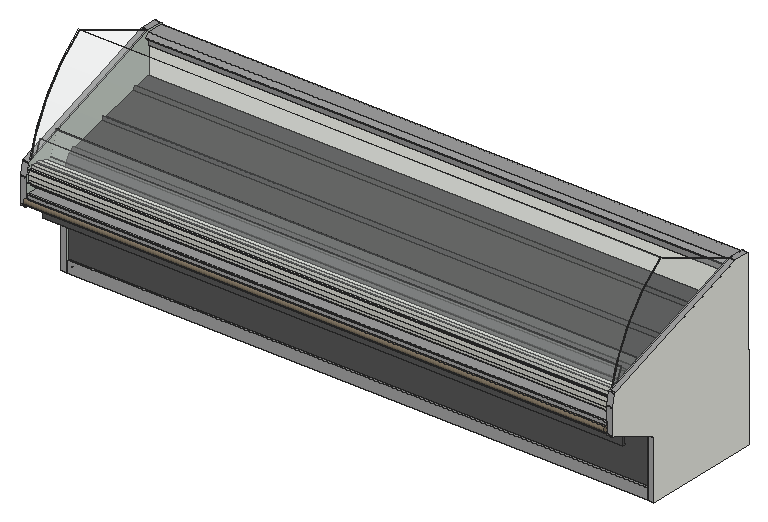
Revit family "DSFM-CG_2014", category Specialty Equipment, Revit 2014
Parameters (values of type "12'-0" Length")
  Width = 144"
  Waste Drain = 1 1/2"  # constant formula
  URL = "www.hussmann.com"
  Type Comments = "Chino"  # constant formula
  Trim = Stainless Steel
  Total Weight = Case Weight + (2 * End Weight)  # 0.00 lbf
  Splashguard = Stainless Steel
  Side Panel - Right [instance] = yes
  Side Panel - Left [instance] = yes
  Shelves = Sheet Metal (Steel Painted) - 701 Black
  Revit Family Date = "09/20/2016"  # constant formula
  Refrigeration Lines Suction = 5/8"  # constant formula
  Refrigeration Lines Liquid = 3/8"  # constant formula
  Refrig. Suction = "Suction"
  Refrig. Liquid = "Liquid"
  Number of Supports = if(Width < 50", 2, if(Width < 100", 3, 4))  # 4
  Note from Manufacturer = "This model only comes in 3'-0\", 4'-0\", 5'-0\", 6'-0\", 8'-0\", 10'-0\", and 12'-0\" lengths."
  Model URL = "http://www.hussmann.com/en/product%20viewer/display-cases/DSFM"
  Model = "DSFM with Curved Glass"  # constant formula
  Manufacturer Disclaimer = "The information in this file is not intended to be an exact representation of the corresponding Hussmann product.  Further, we reserve the right to change or revise specifications and product design in connection with any feature of our products. Such changes do not entitle the buyer to corresponding changes, improvements, additions, or replacements for equipment previously sold or shipped."  # constant formula
  Manufacturer = "Hussmann Corporation"  # constant formula
  Light [instance] = yes
  Height = 52 1/4"  # constant formula
  Glazing = Glass
  Ends = Textured Sheet Metal (Steel Painted) - 149 White Satin Matte
  End Weight = 0.00 lbf  # constant formula
  Drain from Side = if(Width > 73", 13 1/8", if(Width = 72", 66 3/4", 5 1/8"))  # 13 1/8"
  Drain from Centerline = if(Width > 73", 6", if(Width = 72", 5 3/4", if(Width < 71", 6 1/8", 0")))  # 6"
  Door Frame = Plastic - 144 Mist Gray
  Description = "Medium Depth Service Merchandiser for Fresh Seafood Applications"  # constant formula
  Depth = 41 5/8"  # constant formula
  Cutsheet URL = "http://www.hussmann.com/en/Technical%20Documents/DSFM_ds_En.pdf"
  Close Off Panel = Textured Sheet Metal (Steel Painted) - 701 Black
  Case Weight = if(Width = 24", 0.00 lbf, if(Width = 36", 0.00 lbf, if(Width = 48", 0.00 lbf, if(Width = 60", 0.00 lbf, if(Width = 72", 0.00 lbf, if(Width = 96", 0.00 lbf, if(Width = 120", 0.00 lbf, if(Width = 144", 0.00 lbf, 0.00 lbf))))))))  # 0.00 lbf
  Case Interior - Side Panel = Mirror
  Case Interior - Back Panel = Mirror
  Case = Textured Sheet Metal (Steel Painted) - 149 White Satin Matte
  Bumper = Extruded PVC - 747 Chocolate Brown
  Assembly Code = ""
  Accessories/Options = ""
Types (7): name | Width | Number of Supports | Drain from Side | Drain from Centerline
  12'-0" Length | 144" | 4 | 13 1/8" | 6"
  10'-0" Length | 120" | 4 | 13 1/8" | 6"
  8'-0" Length | 96" | 3 | 13 1/8" | 6"
  6'-0" Length | 72" | 3 | 66 3/4" | 5 3/4"
  5'-0" Length | 60" | 3 | 5 1/8" | 6 1/8"
  4'-0" Length | 48" | 2 | 5 1/8" | 6 1/8"
  3'-0" Length | 36" | 2 | 5 1/8" | 6 1/8"
Reference planes (in)
  plane 1 "Back": y = 0
  plane 2 "Bottom": z = 0
  plane 3 "Left": x = -77.30699
  plane 4 "Front": y = -41.625
  plane 5 "Center (Left/Right)": x = -5.30699
  plane 6: x = -78.80699
  plane 7 "Right": x = 66.69301
  plane 8: x = 68.19301
Forms (in)
  Extrusion 1, solid, material "Metal - Copper"
    sketch origin (57.40105, 5, -0.375) x (1, 0, 0) y (0, 1, 0)
      loop
        circle (-1.02054, -21.125) r 0.28859
      loop
        circle (-1.02054, -21.125) r 0.3125
    from 17.625 to 0.375
  Extrusion 2, solid, material "Metal - Copper"
    sketch origin (59.82608, 5, -0.375) x (1, 0, 0) y (0, 1, 0)
      loop
        circle (-2.94557, -21.125) r 0.17188
      loop
        circle (-2.94557, -21.125) r 0.1875
    from 17.625 to 0.375
  Extrusion 3, solid, material "Metal - Copper"
    sketch origin (-56.6875, 1.04319, 0) x (1, 0, 0) y (0, 1, 0)
      loop
        arc (-7.49449, -19.79319) -> (-8.02482, -20.01286) -> (-8.24449, -20.54319) r 0.75
        arc (-8.24449, -20.54319) -> (-8.02482, -21.07352) -> (-7.49449, -21.29319) r 0.75
        arc (-7.49449, -21.29319) -> (-6.96416, -21.07352) -> (-6.74449, -20.54319) r 0.75
        arc (-6.74449, -20.54319) -> (-6.96416, -20.01286) -> (-7.49449, -19.79319) r 0.75
      loop
        circle (-7.49449, -20.54319) r 0.7102
    from 16.34236 to 0
  Extrusion 4, solid, material "Metal - Copper"
    sketch origin (9.1875, 1.04319, 0) x (1, 0, 0) y (0, 1, 0)
      loop
        arc (-8.49449, -19.79319) -> (-9.02482, -20.01286) -> (-9.24449, -20.54319) r 0.75
        arc (-9.24449, -20.54319) -> (-9.02482, -21.07352) -> (-8.49449, -21.29319) r 0.75
        arc (-8.49449, -21.29319) -> (-7.96416, -21.07352) -> (-7.74449, -20.54319) r 0.75
        arc (-7.74449, -20.54319) -> (-7.96416, -20.01286) -> (-8.49449, -19.79319) r 0.75
      loop
        circle (-8.49449, -20.54319) r 0.7102
    from 16.34236 to 0
  Extrusion 5, solid, material "Textured Sheet Metal (Steel Painted) - 149 White Satin Matte" <- "Case"
    sketch origin (-77.30699, 0, 0) x (0, 1, 0) y (0, 0, 1)
      loop
        line (-27.83594, 14.76385) -> (-27.83594, 0.83962) -> (-2.10346, 0.83962) -> (-2.10346, 14.62462) -> (0, 14.62462) -> (0, 42.51732) -> (-3.90855, 42.51732) -> (-3.90855, 40.51732) -> (-3.74953, 39.92387) -> (-3.6691, 39.92387) -> (-3.6691, 29.66553) -> (-7.27325, 28.52488) -> (-7.27325, 23.80279) -> (-8.62625, 23.69965) -> (-15.99507, 19.72211) -> (-15.99507, 17.26171) -> (-16.56548, 17.25175) -> (-16.56548, 16.34236) -> (-20.50298, 16.34236) -> (-20.50298, 17.26314) -> (-28.16873, 17.77684) -> (-36.20983, 21.19008) -> (-36.20983, 25.63995) -> (-36.06026, 27.34944) -> (-36.06026, 28.26483) -> (-37.92615, 28.62819) -> (-37.92615, 23.01712) -> (-41.306, 23.01712) -> (-41.556, 22.76712) -> (-41.556, 20.39212) -> (-41.09532, 20.39212) -> (-27.83594, 14.76385)
    from 0 to 144 <- "Width"
  Extrusion 6, solid, material "Stainless Steel" <- "Trim"
    sketch origin (-77.30699, 0, 0) x (0, 1, 0) y (0, 0, 1)
      loop
        line (-39.15131, 19.38055) -> (-39.09255, 19.54199) -> (-41.09532, 20.39212) -> (-41.556, 20.39212) -> (-41.556, 22.76712) -> (-41.306, 23.01712) -> (-37.92615, 23.01712) -> (-37.92615, 24.23914) -> (-37.99027, 24.23914) -> (-37.99027, 23.06512) -> (-41.4935, 23.06512)
        arc (-41.4935, 23.06512) -> (-41.61583, 23.01445) -> (-41.6665, 22.89212) r 0.173
        line (-41.6665, 22.89212) -> (-41.6665, 20.29601) -> (-39.15131, 19.38055)
    from 0 to 144 <- "Width"
  Extrusion 7, solid, material "Extruded PVC - 747 Chocolate Brown" <- "Bumper"
    sketch origin (-77.30699, 0, 0) x (0, 1, 0) y (0, 0, 1)
      loop
        arc (-42.0733, 22.13217) -> (-42.57553, 21.56967) -> (-42.0733, 21.00717) r 0.56612
        line (-42.0733, 21.00717) -> (-41.6665, 21.00717) -> (-41.6665, 21.37717) -> (-42.01053, 21.37717) -> (-42.01053, 21.49838)
        arc (-42.01053, 21.49838) -> (-41.97735, 21.56967) -> (-42.01053, 21.64097) r 0.09318
        line (-42.01053, 21.64097) -> (-42.01053, 21.76217) -> (-41.6665, 21.76217) -> (-41.6665, 22.13217) -> (-42.0733, 22.13217)
    from 0 to 144 <- "Width"
  Extrusion 8, solid, material "Stainless Steel" <- "Trim"
    sketch origin (-77.30699, 0, 0) x (0, 1, 0) y (0, 0, 1)
      loop
        line (-28.97798, 2.78974) -> (-28.97831, 0) -> (-28.4433, 0) -> (-28.4433, 0.035) -> (-28.9433, 0.035) -> (-28.9433, 2.785) -> (-28.90096, 3.09462) -> (-28.93565, 3.09929) -> (-28.97798, 2.78974)
      loop
        line (-1.91944, 0.48261) -> (-1.91944, 2.85914) -> (-1.94136, 3.10971) -> (-1.97623, 3.10666) -> (-1.95444, 2.85761) -> (-1.95444, 0.46987) -> (-1.61667, 0.06733) -> (-1.23482, 0) -> (-1.22874, 0.03447) -> (-1.59804, 0.09959) -> (-1.91944, 0.48261)
    from 0 to 144 <- "Width"
  Extrusion 9, solid, material "Textured Sheet Metal (Steel Painted) - 701 Black" <- "Close Off Panel"
    sketch origin (-77.30699, 0, 0) x (0, 1, 0) y (0, 0, 1)
      loop
        line (-28.89742, 0.75286) -> (-28.82456, 0.75286) -> (-28.82456, 15.18349) -> (-28.89742, 15.21442) -> (-28.89742, 0.75286)
      loop
        line (-1.97846, 0.83962) -> (-1.97846, 14.58962) -> (-2.10346, 14.58962) -> (-2.10346, 0.83962) -> (-1.97846, 0.83962)
    from 0 to 144 <- "Width"
  Extrusion 10, solid, material "Glass" <- "Glazing"
    sketch origin (-77.30699, 0, 0) x (0, 1, 0) y (0, 0, 1)
      loop
        line (-24.90608, 52.05401) -> (-25.05313, 52.25619)
        arc (-25.05313, 52.25619) -> (-35.45699, 41.12261) -> (-40.97649, 26.91937) r 40.25
        line (-40.97649, 26.91937) -> (-40.73054, 26.87456)
        arc (-40.73054, 26.87456) -> (-35.24532, 40.98958) -> (-24.90608, 52.05401) r 40
      loop
        line (-37.21672, 33.32229) -> (-37.24113, 33.37234) -> (-37.39003, 33.42361) -> (-37.44007, 33.3992) -> (-39.20891, 28.26213) -> (-39.1845, 28.21209) -> (-39.0356, 28.16082) -> (-38.98556, 28.18522) -> (-37.21672, 33.32229)
      loop
        line (-32.56173, 33.28373) -> (-34.42614, 28.06337) -> (-34.42614, 24.52546) -> (-34.17614, 24.52546) -> (-34.17614, 28.02006) -> (-32.32629, 33.19964)
        arc (-32.32629, 33.19964) -> (-32.40197, 33.3594) -> (-32.56173, 33.28373) r 0.125
    from 0 to 144 <- "Width"
  Extrusion 11, solid, material "Plastic - 144 Mist Gray" <- "Door Frame"
    sketch origin (-77.30699, 0, 0) x (0, 1, 0) y (0, 0, 1)
      loop
        arc (-37.92615, 28.87709) -> (-38.34989, 28.95475) -> (-38.76284, 28.83204) r 0.92486
        line (-38.76284, 28.83204) -> (-38.98556, 28.18522) -> (-39.0356, 28.16082) -> (-39.1845, 28.21209) -> (-39.20891, 28.26213) -> (-39.00656, 28.84979) -> (-40.31896, 28.84979)
        arc (-40.31896, 28.84979) -> (-40.53721, 27.86477) -> (-40.73054, 26.87456) r 40
        line (-40.73054, 26.87456) -> (-40.97649, 26.91937)
        arc (-40.97649, 26.91937) -> (-40.84538, 27.60522) -> (-40.7024, 28.2887) r 40.25
        line (-40.7024, 28.2887) -> (-40.81127, 28.14936) -> (-40.90276, 28.08871)
        arc (-40.90276, 28.08871) -> (-40.90535, 28.07024) -> (-40.8867, 28.06992) r 0.01245
        line (-40.8867, 28.06992) -> (-40.84348, 28.0623) -> (-40.87344, 28.0514) -> (-41.24256, 27.01633) -> (-41.36709, 25.93044) -> (-41.36709, 25.30649)
        arc (-41.36709, 25.30649) -> (-41.35556, 25.27865) -> (-41.32772, 25.26712) r 0.03937
        line (-41.32772, 25.26712) -> (-41.26867, 25.26712)
        arc (-41.26867, 25.26712) -> (-41.24083, 25.27865) -> (-41.2293, 25.30649) r 0.03937
        line (-41.2293, 25.30649) -> (-41.2293, 25.40491) -> (-41.28835, 25.46397) -> (-41.28835, 25.95609) -> (-41.2293, 26.05384) -> (-40.64268, 26.05384) -> (-40.64268, 24.70609)
        arc (-40.64268, 24.70609) -> (-40.59347, 24.65688) -> (-40.54426, 24.70609) r 0.04921
        line (-40.54426, 24.70609) -> (-40.54426, 25.1883) -> (-39.7845, 25.1883) -> (-39.7845, 25.05058) -> (-38.85135, 25.05058) -> (-38.85135, 24.57814) -> (-38.63481, 24.57814) -> (-38.63481, 24.4994) -> (-38.06394, 24.4994) -> (-38.06394, 24.3616) -> (-37.92615, 24.3616) -> (-37.92615, 28.87709)
    from 0 to 144 <- "Width"
  Extrusion 12, solid, material "Sheet Metal (Steel Painted) - 701 Black" <- "Shelves"
    sketch origin (-77.30699, 0, 0) x (0, 1, 0) y (0, 0, 1)
      loop
        line (-36.20983, 23.90789) -> (-33.73639, 23.90789) -> (-30.74171, 22.17891) -> (-3.6691, 30.52079) -> (-3.6691, 31.07755) -> (-4.13417, 30.9343) -> (-4.13417, 33.08566) -> (-7.58128, 32.14658) -> (-8.37125, 32.59829) -> (-8.82296, 31.80832) -> (-17.09693, 29.55428) -> (-17.94767, 30.04074) -> (-18.40956, 29.23297) -> (-26.70331, 26.97354) -> (-27.51108, 27.43543) -> (-27.99754, 26.58469) -> (-28.678, 26.39931) -> (-30.67615, 22.75882) -> (-33.59303, 24.44289) -> (-36.20983, 24.44289) -> (-36.20983, 23.90789)
    from 0 to 144 <- "Width"
  Extrusion 13, solid, material "Stainless Steel" <- "Trim"
    sketch origin (-77.30699, 0, 0) x (0, 1, 0) y (0, 0, 1)
      loop
        arc (-27.02344, 0.0785) -> (-27.00045, 0.02299) -> (-26.94494, 0) r 0.0785
        line (-26.94494, 0) -> (-25.25744, 0)
        arc (-25.25744, 0) -> (-25.20193, 0.02299) -> (-25.17894, 0.0785) r 0.0785
        line (-25.17894, 0.0785) -> (-25.17894, 0.766) -> (-24.42894, 0.766) -> (-24.42894, 0.83962) -> (-25.20619, 0.83962)
        arc (-25.20619, 0.83962) -> (-25.24336, 0.81085) -> (-25.25744, 0.766) r 0.0785
        line (-25.25744, 0.766) -> (-25.25744, 0.0785) -> (-26.94494, 0.0785) -> (-26.94494, 0.766)
        arc (-26.94494, 0.766) -> (-26.95901, 0.81085) -> (-26.99619, 0.83962) r 0.0785
        line (-26.99619, 0.83962) -> (-27.83594, 0.83962) -> (-27.83594, 1.657) -> (-27.91444, 1.657) -> (-27.91444, 0.8445)
        arc (-27.91444, 0.8445) -> (-27.89145, 0.78899) -> (-27.83594, 0.766) r 0.0785
        line (-27.83594, 0.766) -> (-27.02344, 0.766) -> (-27.02344, 0.0785)
      loop
        arc (-4.71994, 0.766) -> (-4.69873, 0.75721) -> (-4.68994, 0.736) r 0.03
        line (-4.68994, 0.736) -> (-4.68994, 0.0785)
        arc (-4.68994, 0.0785) -> (-4.66695, 0.02299) -> (-4.61144, 0) r 0.0785
        line (-4.61144, 0) -> (-2.92394, 0)
        arc (-2.92394, 0) -> (-2.86843, 0.02299) -> (-2.84544, 0.0785) r 0.0785
        line (-2.84544, 0.0785) -> (-2.84544, 0.736)
        arc (-2.84544, 0.736) -> (-2.83665, 0.75721) -> (-2.81544, 0.766) r 0.03
        line (-2.81544, 0.766) -> (-2.03294, 0.766) -> (-2.03294, 0.8445) -> (-2.84544, 0.8445)
        arc (-2.84544, 0.8445) -> (-2.90095, 0.82151) -> (-2.92394, 0.766) r 0.0785
        line (-2.92394, 0.766) -> (-2.92394, 0.1085)
        arc (-2.92394, 0.1085) -> (-2.93273, 0.08729) -> (-2.95394, 0.0785) r 0.03
        line (-2.95394, 0.0785) -> (-4.58144, 0.0785)
        arc (-4.58144, 0.0785) -> (-4.60265, 0.08729) -> (-4.61144, 0.1085) r 0.03
        line (-4.61144, 0.1085) -> (-4.61144, 0.736)
        arc (-4.61144, 0.736) -> (-4.64322, 0.81272) -> (-4.71994, 0.8445) r 0.1085
        line (-4.71994, 0.8445) -> (-5.42274, 0.8445) -> (-5.42274, 0.766) -> (-4.71994, 0.766)
    from 0 to 144 <- "Width"
  Extrusion 14, solid, material "Stainless Steel" <- "Trim"
    sketch origin (-77.30699, 0, 0) x (0, 1, 0) y (0, 0, 1)
      loop
        line (-3.6691, 39.52827) -> (-3.6691, 39.92387) -> (-3.74953, 39.92387) -> (-3.90855, 40.51732) -> (-3.90855, 42.51732) -> (0, 42.51732) -> (0, 41.32812) -> (0.0625, 41.32812) -> (0.0625, 42.56512) -> (-3.987, 42.56512) -> (-4.92495, 41.62717) -> (-4.67501, 41.30726) -> (-4.64743, 41.32881) -> (-4.78055, 41.49919) -> (-4.34034, 41.43732) -> (-3.87598, 39.47921) -> (-3.6691, 39.52827)
    from 0 to 144 <- "Width"
  Extrusion 15, solid, material "Textured Sheet Metal (Steel Painted) - 701 Black" <- "Close Off Panel", visible <- "Light"
    sketch origin (-77.30699, 0, 0) x (0, 1, 0) y (0, 0, 1)
      loop
        line (-36.625, 18.49458) -> (-36.625, 15.49458) -> (-36.125, 15.49458) -> (-36.125, 15.74458) -> (-36.1875, 15.74458) -> (-36.1875, 15.55708) -> (-36.5625, 15.55708) -> (-36.5625, 18.46805) -> (-36.625, 18.49458)
    from 0 to 144 <- "Width"
  Extrusion 16, solid, material "Textured Sheet Metal (Steel Painted) - 149 White Satin Matte" <- "Ends", visible <- "Side Panel - Left"
    sketch origin (-77.30699, 0, 0) x (0, 1, 0) y (0, 0, 1)
      loop
        line (-4.01328, 42.80055) -> (-40.83797, 29.64818)
        arc (-40.83797, 29.64818) -> (-40.94058, 29.57902) -> (-40.99744, 29.46911) r 0.25
        line (-40.99744, 29.46911) -> (-41.65998, 26.62479)
        arc (-41.65998, 26.62479) -> (-41.66487, 26.59661) -> (-41.6665, 26.56807) r 0.25
        line (-41.6665, 26.56807) -> (-41.6665, 20.25686)
        arc (-41.6665, 20.25686) -> (-41.62497, 20.11888) -> (-41.51418, 20.02674) r 0.25
        line (-41.51418, 20.02674) -> (-29.37589, 14.87434)
        arc (-29.37589, 14.87434) -> (-29.20971, 14.73612) -> (-29.14742, 14.52915) r 0.375
        line (-29.14742, 14.52915) -> (-29.14742, 0.035) -> (0.25, 0.035) -> (0.25, 42.56512)
        arc (0.25, 42.56512) -> (0.17678, 42.74189) -> (0, 42.81512) r 0.25
        line (0, 42.81512) -> (-3.92919, 42.81512)
        arc (-3.92919, 42.81512) -> (-3.97186, 42.81145) -> (-4.01328, 42.80055) r 0.25
    from -1.5 to 0
  Extrusion 17, solid, material "Glass" <- "Glazing", visible <- "Side Panel - Left"
    sketch origin (-77.30699, 0, 0) x (0, 1, 0) y (0, 0, 1)
      loop
        arc (-25.05313, 52.25619) -> (-34.64119, 42.3689) -> (-40.33457, 29.82798) r 40.25
        line (-40.33457, 29.82798) -> (-4.01328, 42.80055) -> (-25.05313, 52.25619)
    from -0.25 to 0
  Extrusion 18, solid, material "Textured Sheet Metal (Steel Painted) - 149 White Satin Matte" <- "Ends", visible <- "Side Panel - Right"
    sketch origin (-77.30699, 0, 0) x (0, 1, 0) y (0, 0, 1)
      loop
        line (-4.01328, 42.80055) -> (-40.83797, 29.64818)
        arc (-40.83797, 29.64818) -> (-40.94058, 29.57902) -> (-40.99744, 29.46911) r 0.25
        line (-40.99744, 29.46911) -> (-41.65998, 26.62479)
        arc (-41.65998, 26.62479) -> (-41.66487, 26.59661) -> (-41.6665, 26.56807) r 0.25
        line (-41.6665, 26.56807) -> (-41.6665, 20.25686)
        arc (-41.6665, 20.25686) -> (-41.62497, 20.11888) -> (-41.51418, 20.02674) r 0.25
        line (-41.51418, 20.02674) -> (-29.37589, 14.87434)
        arc (-29.37589, 14.87434) -> (-29.20971, 14.73612) -> (-29.14742, 14.52915) r 0.375
        line (-29.14742, 14.52915) -> (-29.14742, 0.035) -> (0.25, 0.035) -> (0.25, 42.56512)
        arc (0.25, 42.56512) -> (0.17678, 42.74189) -> (0, 42.81512) r 0.25
        line (0, 42.81512) -> (-3.92919, 42.81512)
        arc (-3.92919, 42.81512) -> (-3.97186, 42.81145) -> (-4.01328, 42.80055) r 0.25
    from 145.5 to 144
  Extrusion 19, solid, material "Glass" <- "Glazing", visible <- "Side Panel - Right"
    sketch origin (-77.30699, 0, 0) x (0, 1, 0) y (0, 0, 1)
      loop
        arc (-25.05313, 52.25619) -> (-34.64119, 42.3689) -> (-40.33457, 29.82798) r 40.25
        line (-40.33457, 29.82798) -> (-4.01328, 42.80055) -> (-25.05313, 52.25619)
    from 144 to 144.25
Lines and regions (in)
  reference lines
    curve 1: line (-64.18199, -41.625, 0) -> (-64.18199, 0, 0)
    curve 2: line (56.69301, -41.625, 0) -> (56.69301, 0, 0)
    curve 3: line (-77.30699, -19.5, 0) -> (66.69301, -19.5, 0)
    curve 4: line (66.69301, -16.125, 0) -> (-77.30699, -16.125, 0)
    curve 5: line (0.69301, -41.625, 0) -> (0.69301, 0, 0)
Dimensions and locks (in)
  equal spacing: plane 3 "Left", plane 5 "Center (Left/Right)", plane 7 "Right"
  locked: plane 6 to plane 3 "Left" at 1.5
  "Width": plane 3 "Left" to plane 7 "Right"
  "Drain from Side": plane 3 "Left" to curve 1
  "Depth": plane 4 "Front" to plane 1 "Back"
  locked: curve 2 to plane 7 "Right" at 10
  locked: curve 3 to plane 4 "Front" at 22.125
  locked: plane 1 "Back" to curve 4 at 16.125
  locked: plane 7 "Right" to plane 8 at 1.5
  locked: Extrusion 3 sketch curve to Extrusion 3 sketch curve at 0.0398
  locked: Extrusion 2 sketch curve to Extrusion 2 sketch curve at 0.01562
  locked: Extrusion 1 sketch curve to Extrusion 1 sketch curve at 0.02391
  "Drain from Centerline": plane 5 "Center (Left/Right)" to curve 5
  locked: Extrusion 4 sketch curve to Extrusion 4 sketch curve at 0.0398
  locked: nested 1 to plane 1 "Back" at 34.75
  locked: plane 3 "Left" to Extrusion 17 at 0.25
  locked: Extrusion 19 to plane 7 "Right" at 0.25
  "Waste Drain": diameter of Extrusion 3 sketch curve
  "Refrigeration Lines Liquid": diameter of Extrusion 2 sketch curve
  "Refrigeration Lines Suction": diameter of Extrusion 1 sketch curve
  "Waste Drain": diameter of Extrusion 4 sketch curve
  aligned and locked: plane 4 "Front" to curve 1
  aligned and locked: plane 3 "Left" to curve 3
  aligned and locked: plane 3 "Left" to curve 4
  aligned and locked: plane 7 "Right" to curve 4
  aligned and locked: plane 7 "Right" to curve 3
  aligned and locked: curve 4 to Extrusion 2 sketch curve  (x4)
  aligned and locked: curve 4 to Extrusion 1 sketch curve  (x4)
  aligned and locked: curve 3 to Extrusion 3 sketch curve
  aligned and locked: curve 1 to Extrusion 3 sketch curve
  aligned and locked: curve 2 to Extrusion 2 sketch curve
  aligned and locked: curve 2 to Extrusion 1 sketch curve
  aligned and locked: curve 5 to Extrusion 4 sketch curve  (x2)
  aligned and locked: curve 3 to Extrusion 4 sketch curve  (x2)
  aligned and locked: plane 3 "Left" to nested 1
  aligned and locked: plane 6 to Extrusion 16
  aligned and locked: plane 3 "Left" to Extrusion 16
  aligned and locked: plane 3 "Left" to Extrusion 17
  aligned and locked: Extrusion 17 to Extrusion 5
  aligned and locked: plane 8 to Extrusion 18
  aligned and locked: Extrusion 18 to plane 7 "Right"
  aligned and locked: plane 7 "Right" to Extrusion 19
Automatic sketch dimensions
  Extrusion 5 sketch curve to plane 1 "Back" = 0"
  plane 1 "Back" to Extrusion 5 sketch curve = 2.10346"
  plane 1 "Back" to Extrusion 5 sketch curve = 3.6691"
  Extrusion 5 sketch curve to Extrusion 5 sketch curve = 0.08043"
  Extrusion 5 sketch curve to Extrusion 5 sketch curve = 0.15901"
  Extrusion 5 sketch curve to Extrusion 5 sketch curve = 3.60415"
  Extrusion 5 sketch curve to Extrusion 5 sketch curve = 1.353"
  Extrusion 5 sketch curve to Extrusion 5 sketch curve = 7.36883"
  Extrusion 5 sketch curve to Extrusion 5 sketch curve = 0.57041"
  Extrusion 5 sketch curve to Extrusion 5 sketch curve = 3 15/16"
  Extrusion 5 sketch curve to Extrusion 5 sketch curve = 7.66575"
  plane 4 "Front" to Extrusion 5 sketch curve = 5.56474"
  Extrusion 5 sketch curve to Extrusion 5 sketch curve = 0.14956"
  Extrusion 5 sketch curve to Extrusion 5 sketch curve = 1.86588"
  plane 4 "Front" to Extrusion 5 sketch curve = 0.069"
  Extrusion 5 sketch curve to Extrusion 5 sketch curve = 0.90939"
  Extrusion 5 sketch curve to Extrusion 5 sketch curve = 0.00996"
  Extrusion 5 sketch curve to Extrusion 5 sketch curve = 1.70949"
  Extrusion 5 sketch curve to Extrusion 5 sketch curve = 0.91538"
  Extrusion 5 sketch curve to Extrusion 5 sketch curve = 0.36336"
  Extrusion 5 sketch curve to Extrusion 5 sketch curve = 1.14065"
  Extrusion 5 sketch curve to Extrusion 5 sketch curve = 10.25834"
  Extrusion 5 sketch curve to Extrusion 5 sketch curve = 0.59345"
  Extrusion 5 sketch curve to Extrusion 5 sketch curve = 2"
  level to Extrusion 5 sketch curve = 0.83962"
  Extrusion 5 sketch curve to Extrusion 5 sketch curve = 0.3328"
  Extrusion 5 sketch curve to Extrusion 5 sketch curve = 0.46068"
  plane 4 "Front" to Extrusion 5 sketch curve = 0.319"
  Extrusion 5 sketch curve to Extrusion 5 sketch curve = 3.01299"
  Extrusion 5 sketch curve to Extrusion 5 sketch curve = 2 3/8"
  Extrusion 5 sketch curve to Extrusion 5 sketch curve = 0.79796"
  Extrusion 5 sketch curve to Extrusion 5 sketch curve = 1/4"
  Extrusion 6 sketch curve to plane 4 "Front" = 0.0415"
  plane 4 "Front" to Extrusion 6 sketch curve = 2.47369"
  Extrusion 6 sketch curve to Extrusion 6 sketch curve = 0.91545"
  plane 4 "Front" to Extrusion 6 sketch curve = 0.1315"
  Extrusion 6 sketch curve to Extrusion 6 sketch curve = 3.50323"
  Extrusion 6 sketch curve to Extrusion 6 sketch curve = 0.048"
  Extrusion 6 sketch curve to Extrusion 6 sketch curve = 3/16"
  plane 4 "Front" to Extrusion 6 sketch curve = 0.069"
  Extrusion 6 sketch curve to Extrusion 6 sketch curve = 1/8"
  Extrusion 6 sketch curve to Extrusion 6 sketch curve = 0.09611"
  Extrusion 6 sketch curve to Extrusion 6 sketch curve = 0.46068"
  Extrusion 6 sketch curve to Extrusion 6 sketch curve = 0.05876"
  Extrusion 6 sketch curve to Extrusion 6 sketch curve = 0.06412"
  Extrusion 7 sketch curve to plane 4 "Front" = 0.4483"  (x2)
  Extrusion 7 sketch curve to plane 4 "Front" = 0.44553"
  Extrusion 7 sketch curve to Extrusion 7 sketch curve = 0.06"  (x2)
  Extrusion 7 sketch curve to Extrusion 7 sketch curve = 0.06112"
  Extrusion 7 sketch curve to plane 4 "Front" = 0.0415"  (x2)
  Extrusion 7 sketch curve to Extrusion 7 sketch curve = 0.37"
  Extrusion 7 sketch curve to Extrusion 7 sketch curve = 0.1212"  (x2)
  Extrusion 7 sketch curve to Extrusion 7 sketch curve = 0.0713"
  Extrusion 7 sketch curve to Extrusion 7 sketch curve = 0"
  level to Extrusion 8 sketch curve = 0"
  Extrusion 8 sketch curve to Extrusion 8 sketch curve = 0.00033"
  level to Extrusion 8 sketch curve = 3.09929"
  Extrusion 8 sketch curve to Extrusion 8 sketch curve = 0.04233"
  plane 4 "Front" to Extrusion 8 sketch curve = 12.64669"
  Extrusion 8 sketch curve to Extrusion 8 sketch curve = 1/2"
  Extrusion 8 sketch curve to Extrusion 8 sketch curve = 0.035"  (x2)
  level to Extrusion 8 sketch curve = 0.035"
  Extrusion 8 sketch curve to Extrusion 8 sketch curve = 0.00474"
  Extrusion 8 sketch curve to Extrusion 8 sketch curve = 0.30955"
  level to Extrusion 8 sketch curve = 3.09462"
  Extrusion 8 sketch curve to Extrusion 8 sketch curve = 0.03469"
  plane 4 "Front" to Extrusion 9 sketch curve = 12.72758"
  Extrusion 9 sketch curve to Extrusion 9 sketch curve = 0.07285"
  level to Extrusion 9 sketch curve = 0.75286"
  Extrusion 9 sketch curve to Extrusion 9 sketch curve = 0.03092"
  plane 1 "Back" to Extrusion 9 sketch curve = 1.97846"
  Extrusion 9 sketch curve to Extrusion 9 sketch curve = 1/8"
  level to Extrusion 9 sketch curve = 0.83962"
  plane 1 "Back" to Extrusion 8 sketch curve = 1.91944"
  level to Extrusion 8 sketch curve = 2.85914"
  Extrusion 8 sketch curve to Extrusion 8 sketch curve = 0.02192"
  Extrusion 8 sketch curve to Extrusion 8 sketch curve = 0.25057"
  Extrusion 8 sketch curve to Extrusion 8 sketch curve = 0.03487"
  Extrusion 8 sketch curve to Extrusion 8 sketch curve = 0.01274"
  Extrusion 8 sketch curve to level = 0"
  Extrusion 8 sketch curve to Extrusion 8 sketch curve = 0.32139"
  level to Extrusion 8 sketch curve = 0.46987"
  level to Extrusion 8 sketch curve = 0.06733"
  Extrusion 8 sketch curve to Extrusion 8 sketch curve = 0.01862"
  level to Extrusion 8 sketch curve = 0.03447"
  Extrusion 8 sketch curve to Extrusion 8 sketch curve = 0.00608"
  Extrusion 10 sketch curve to Extrusion 10 sketch curve = 0"  (x3)
  plane 4 "Front" to Extrusion 10 sketch curve = 0.64851"
  Extrusion 10 sketch curve to Extrusion 10 sketch curve = 0.24595"
  plane 4 "Front" to Extrusion 10 sketch curve = 16.57187"
  Extrusion 10 sketch curve to Extrusion 10 sketch curve = 0.14705"
  plane 1 "Back" to Extrusion 10 sketch curve = 1.37827"
  Extrusion 10 sketch curve to Extrusion 10 sketch curve = 1.52163"
  Extrusion 10 sketch curve to Extrusion 10 sketch curve = 0.02441"  (x4)
  Extrusion 10 sketch curve to Extrusion 10 sketch curve = 0.1489"  (x2)
  Extrusion 10 sketch curve to Extrusion 10 sketch curve = 0.05004"  (x4)
  plane 4 "Front" to Extrusion 10 sketch curve = 4.18493"
  Extrusion 10 sketch curve to Extrusion 10 sketch curve = 1.28625"
  Extrusion 10 sketch curve to Extrusion 10 sketch curve = 0.05127"
  Extrusion 10 sketch curve to Extrusion 10 sketch curve = 5.13707"
  Extrusion 10 sketch curve to Extrusion 10 sketch curve = 0.02686"
  Extrusion 10 sketch curve to Extrusion 10 sketch curve = 4.55941"
  Extrusion 10 sketch curve to Extrusion 10 sketch curve = 1/4"
  Extrusion 10 sketch curve to Extrusion 10 sketch curve = 4.65499"
  Extrusion 10 sketch curve to Extrusion 10 sketch curve = 0.11772"  (x2)
  Extrusion 10 sketch curve to Extrusion 10 sketch curve = 3.4946"
  Extrusion 10 sketch curve to Extrusion 10 sketch curve = 0.0433"
  Extrusion 10 sketch curve to Extrusion 10 sketch curve = 0.12265"
  Extrusion 10 sketch curve to Extrusion 10 sketch curve = 0.04204"
  plane 4 "Front" to Extrusion 11 sketch curve = 0.25791"
  Extrusion 11 sketch curve to Extrusion 11 sketch curve = 0.03937"
  Extrusion 11 sketch curve to Extrusion 11 sketch curve = 0.07874"  (x2)
  Extrusion 11 sketch curve to Extrusion 11 sketch curve = 0.05906"  (x4)
  plane 4 "Front" to Extrusion 11 sketch curve = 0.38244"
  plane 4 "Front" to Extrusion 11 sketch curve = 0.72224"
  Extrusion 11 sketch curve to Extrusion 11 sketch curve = 0.00688"
  Extrusion 11 sketch curve to Extrusion 11 sketch curve = 0.01325"
  Extrusion 11 sketch curve to Extrusion 11 sketch curve = 0.02996"
  Extrusion 11 sketch curve to Extrusion 11 sketch curve = 0.03222"
  Extrusion 11 sketch curve to Extrusion 11 sketch curve = 0.58661"
  Extrusion 11 sketch curve to Extrusion 11 sketch curve = 0.04921"
  Extrusion 11 sketch curve to Extrusion 11 sketch curve = 0.75975"
  Extrusion 11 sketch curve to Extrusion 11 sketch curve = 0.93316"
  Extrusion 11 sketch curve to Extrusion 11 sketch curve = 0.21654"
  Extrusion 11 sketch curve to Extrusion 11 sketch curve = 0.57087"
  Extrusion 11 sketch curve to Extrusion 11 sketch curve = 0.1378"  (x2)
  Extrusion 11 sketch curve to Extrusion 11 sketch curve = 0.34449"
  Extrusion 11 sketch curve to Extrusion 11 sketch curve = 0.48221"
  Extrusion 11 sketch curve to Extrusion 11 sketch curve = 0.07881"
  Extrusion 11 sketch curve to Extrusion 11 sketch curve = 0.09843"
  Extrusion 11 sketch curve to Extrusion 11 sketch curve = 0.46648"
  Extrusion 11 sketch curve to Extrusion 11 sketch curve = 0.02565"
  Extrusion 11 sketch curve to Extrusion 11 sketch curve = 0.09774"
  Extrusion 11 sketch curve to Extrusion 11 sketch curve = 0.96249"
  Extrusion 11 sketch curve to Extrusion 11 sketch curve = 1.03507"
  Extrusion 11 sketch curve to Extrusion 11 sketch curve = 0.0109"
  Extrusion 11 sketch curve to Extrusion 11 sketch curve = 0.08705"
  Extrusion 11 sketch curve to Extrusion 11 sketch curve = 0.10887"
  Extrusion 11 sketch curve to Extrusion 11 sketch curve = 0.13935"
  Extrusion 11 sketch curve to Extrusion 11 sketch curve = 0.58839"
  Extrusion 11 sketch curve to Extrusion 11 sketch curve = 0.00919"
  Extrusion 11 sketch curve to Extrusion 11 sketch curve = 0.01852"
  Extrusion 11 sketch curve to Extrusion 11 sketch curve = 0.00841"
  Extrusion 11 sketch curve to Extrusion 11 sketch curve = 0"  (x3)
  Extrusion 11 sketch curve to Extrusion 11 sketch curve = 0.26607"
  Extrusion 11 sketch curve to Extrusion 11 sketch curve = 0.24595"
  Extrusion 11 sketch curve to Extrusion 11 sketch curve = 0.14177"
  Extrusion 11 sketch curve to Extrusion 11 sketch curve = 0.04481"
  Extrusion 11 sketch curve to Extrusion 11 sketch curve = 0.38344"
  Extrusion 11 sketch curve to Extrusion 11 sketch curve = 0.02441"  (x2)
  Extrusion 11 sketch curve to Extrusion 11 sketch curve = 0.1489"
  Extrusion 11 sketch curve to Extrusion 11 sketch curve = 0.05004"  (x2)
  Extrusion 11 sketch curve to Extrusion 11 sketch curve = 0.71627"
  Extrusion 11 sketch curve to Extrusion 11 sketch curve = 0.05127"
  Extrusion 11 sketch curve to Extrusion 11 sketch curve = 1.11006"
  Extrusion 11 sketch curve to Extrusion 11 sketch curve = 1.31241"
  Extrusion 11 sketch curve to Extrusion 11 sketch curve = 0.58766"
  Extrusion 11 sketch curve to Extrusion 11 sketch curve = 0.24372"
  Extrusion 11 sketch curve to Extrusion 11 sketch curve = 0.68539"
  Extrusion 11 sketch curve to Extrusion 11 sketch curve = 0.15399"
  plane 4 "Front" to Extrusion 12 sketch curve = 5.41517"
  Extrusion 12 sketch curve to Extrusion 12 sketch curve = 1.99815"
  Extrusion 12 sketch curve to Extrusion 12 sketch curve = 0.68046"
  Extrusion 12 sketch curve to Extrusion 12 sketch curve = 0.48646"
  Extrusion 12 sketch curve to Extrusion 12 sketch curve = 8.29375"
  Extrusion 12 sketch curve to Extrusion 12 sketch curve = 0.46189"
  Extrusion 12 sketch curve to Extrusion 12 sketch curve = 0.45171"
  Extrusion 12 sketch curve to Extrusion 12 sketch curve = 0.78997"  (x2)
  Extrusion 12 sketch curve to Extrusion 12 sketch curve = 3.44711"
  Extrusion 12 sketch curve to Extrusion 12 sketch curve = 0.93908"
  Extrusion 12 sketch curve to Extrusion 12 sketch curve = 2.15136"
  Extrusion 12 sketch curve to Extrusion 12 sketch curve = 2.47344"
  Extrusion 12 sketch curve to Extrusion 12 sketch curve = 0.14335"
  Extrusion 12 sketch curve to Extrusion 12 sketch curve = 3.06024"
  Extrusion 12 sketch curve to Extrusion 12 sketch curve = 0.06556"
  Extrusion 12 sketch curve to Extrusion 12 sketch curve = 0.46507"
  Extrusion 12 sketch curve to Extrusion 12 sketch curve = 0.41351"
  Extrusion 12 sketch curve to Extrusion 12 sketch curve = 8.27397"
  Extrusion 12 sketch curve to Extrusion 12 sketch curve = 0.55676"
  plane 4 "Front" to Extrusion 13 sketch curve = 14 77/128"
  level to Extrusion 13 sketch curve = 0.0785"  (x2)
  Extrusion 13 sketch curve to Extrusion 13 sketch curve = 1 11/16"
  Extrusion 13 sketch curve to Extrusion 13 sketch curve = 11/16"
  Extrusion 13 sketch curve to Extrusion 13 sketch curve = 3/4"
  Extrusion 13 sketch curve to Extrusion 13 sketch curve = 0.07362"
  Extrusion 13 sketch curve to Extrusion 13 sketch curve = 13/16"  (x2)
  Extrusion 13 sketch curve to Extrusion 13 sketch curve = 0"  (x11)
  Extrusion 13 sketch curve to Extrusion 13 sketch curve = 0.00488"
  Extrusion 13 sketch curve to Extrusion 13 sketch curve = 0.0785"  (x3)
  Extrusion 13 sketch curve to Extrusion 13 sketch curve = 0.05125"
  level to Extrusion 13 sketch curve = 0.766"  (x2)
  Extrusion 13 sketch curve to level = 0"  (x2)
  Extrusion 13 sketch curve to Extrusion 13 sketch curve = 0.02725"
  plane 1 "Back" to Extrusion 13 sketch curve = 5.42274"
  Extrusion 13 sketch curve to Extrusion 13 sketch curve = 0.7028"
  Extrusion 13 sketch curve to Extrusion 13 sketch curve = 0.03"  (x5)
  level to Extrusion 13 sketch curve = 0.1085"
  Extrusion 13 sketch curve to Extrusion 13 sketch curve = 1.6275"
  Extrusion 13 sketch curve to Extrusion 13 sketch curve = 0.7825"
  Extrusion 13 sketch curve to Extrusion 13 sketch curve = 0.6275"
  plane 1 "Back" to Extrusion 14 sketch curve = 4.34034"
  plane 1 "Back" to Extrusion 14 sketch curve = 3.87598"
  Extrusion 14 sketch curve to Extrusion 14 sketch curve = 0.20688"
  Extrusion 14 sketch curve to Extrusion 14 sketch curve = 0.04906"
  Extrusion 14 sketch curve to Extrusion 14 sketch curve = 1.95812"
  Extrusion 14 sketch curve to Extrusion 14 sketch curve = 0.30709"
  Extrusion 14 sketch curve to Extrusion 14 sketch curve = 0.10851"
  Extrusion 14 sketch curve to Extrusion 14 sketch curve = 0.13311"
  Extrusion 14 sketch curve to Extrusion 14 sketch curve = 0.02758"
  Extrusion 14 sketch curve to Extrusion 14 sketch curve = 0.02155"
  Extrusion 14 sketch curve to Extrusion 14 sketch curve = 0.1444"
  Extrusion 14 sketch curve to Extrusion 14 sketch curve = 0.35335"
  Extrusion 14 sketch curve to Extrusion 14 sketch curve = 1.1278"
  Extrusion 14 sketch curve to plane 1 "Back" = 1/16"
  Extrusion 14 sketch curve to Extrusion 14 sketch curve = 1.237"
  Extrusion 14 sketch curve to plane 1 "Back" = 0"
  Extrusion 14 sketch curve to Extrusion 14 sketch curve = 0.04779"
  Extrusion 14 sketch curve to Extrusion 14 sketch curve = 0.07845"
  Extrusion 14 sketch curve to Extrusion 14 sketch curve = 0.92"
  Extrusion 14 sketch curve to Extrusion 14 sketch curve = 0.08043"
  Extrusion 14 sketch curve to Extrusion 14 sketch curve = 0.39561"
  Extrusion 5 sketch curve to Extrusion 5 sketch curve = 13.785"
  Extrusion 5 sketch curve to Extrusion 5 sketch curve = 13.92423"
  Extrusion 5 sketch curve to Extrusion 5 sketch curve = 1.57851"
  Extrusion 5 sketch curve to Extrusion 5 sketch curve = 0.92079"
  Extrusion 5 sketch curve to Extrusion 5 sketch curve = 2.46041"
  Extrusion 5 sketch curve to Extrusion 5 sketch curve = 2.61528"
  Extrusion 5 sketch curve to Extrusion 5 sketch curve = 3.97753"
  Extrusion 5 sketch curve to Extrusion 5 sketch curve = 0.10314"
  Extrusion 5 sketch curve to Extrusion 5 sketch curve = 2.62283"
  Extrusion 5 sketch curve to Extrusion 5 sketch curve = 4.7221"
  level to Extrusion 6 sketch curve = 19.38055"
  Extrusion 6 sketch curve to Extrusion 6 sketch curve = 2 3/8"
  Extrusion 6 sketch curve to Extrusion 6 sketch curve = 1.17402"
  level to Extrusion 7 sketch curve = 21.00717"
  Extrusion 9 sketch curve to Extrusion 9 sketch curve = 13 3/4"
  Extrusion 9 sketch curve to Extrusion 9 sketch curve = 14.43063"
  level to Extrusion 10 sketch curve = 19.70525"
  level to Extrusion 10 sketch curve = 24.52546"
  Extrusion 10 sketch curve to Extrusion 10 sketch curve = 1.18881"
  Extrusion 10 sketch curve to Extrusion 10 sketch curve = 0.04481"
  level to Extrusion 11 sketch curve = 19.70525"
  Extrusion 11 sketch curve to Extrusion 11 sketch curve = 0.68898"
  Extrusion 12 sketch curve to Extrusion 12 sketch curve = 0.80777"
  Extrusion 12 sketch curve to Extrusion 12 sketch curve = 0.85074"
  level to Extrusion 12 sketch curve = 22.17891"
  Extrusion 12 sketch curve to Extrusion 12 sketch curve = 0.57991"
  Extrusion 12 sketch curve to Extrusion 12 sketch curve = 1.14906"
  Extrusion 12 sketch curve to Extrusion 12 sketch curve = 0.535"
  Extrusion 12 sketch curve to Extrusion 12 sketch curve = 3.64049"
  Extrusion 12 sketch curve to Extrusion 12 sketch curve = 0.18537"
  Extrusion 12 sketch curve to Extrusion 12 sketch curve = 0.38886"
  Extrusion 12 sketch curve to Extrusion 12 sketch curve = 2.25942"
  Extrusion 12 sketch curve to Extrusion 12 sketch curve = 0.32132"
  Extrusion 12 sketch curve to Extrusion 12 sketch curve = 0.96651"
  level to Extrusion 14 sketch curve = 39.47921"
  level to Extrusion 15 sketch curve = 15.49458"
  Extrusion 15 sketch curve to Extrusion 15 sketch curve = 1/16"  (x3)
  Extrusion 15 sketch curve to Extrusion 15 sketch curve = 3/16"
  Extrusion 15 sketch curve to Extrusion 15 sketch curve = 2 3/4"
  Extrusion 15 sketch curve to Extrusion 15 sketch curve = 0.02653"
  plane 4 "Front" to Extrusion 15 sketch curve = 5"
  Extrusion 15 sketch curve to Extrusion 15 sketch curve = 7/16"
  Extrusion 16 sketch curve to plane 1 "Back" = 0"
  plane 1 "Back" to Extrusion 16 sketch curve = 3.92919"
  level to Extrusion 16 sketch curve = 0.035"
  plane 4 "Front" to Extrusion 16 sketch curve = 12.47758"
  Extrusion 16 sketch curve to Extrusion 16 sketch curve = 0.22848"
  Extrusion 16 sketch curve to Extrusion 16 sketch curve = 3/8"
  plane 4 "Front" to Extrusion 16 sketch curve = 0.87112"
  Extrusion 16 sketch curve to Extrusion 16 sketch curve = 0.24356"
  plane 4 "Front" to Extrusion 16 sketch curve = 0.2085"  (x2)
  plane 4 "Front" to Extrusion 16 sketch curve = 0.11082"
  Extrusion 16 sketch curve to plane 4 "Front" = 0.03498"
  Extrusion 16 sketch curve to plane 4 "Front" = 0.0415"
  Extrusion 16 sketch curve to plane 1 "Back" = 1/4"
  Extrusion 16 sketch curve to Extrusion 16 sketch curve = 14.49415"
  Extrusion 16 sketch curve to Extrusion 16 sketch curve = 5.1524"
  Extrusion 16 sketch curve to Extrusion 16 sketch curve = 6.31121"
  Extrusion 16 sketch curve to Extrusion 16 sketch curve = 0.05637"
  Extrusion 16 sketch curve to Extrusion 16 sketch curve = 1/4"
  Extrusion 16 sketch curve to Extrusion 16 sketch curve = 0.15948"
  Extrusion 16 sketch curve to Extrusion 16 sketch curve = 0.08409"
  Extrusion 16 sketch curve to Extrusion 16 sketch curve = 27.69078"
  Extrusion 16 sketch curve to Extrusion 16 sketch curve = 2.84468"
  plane 4 "Front" to Extrusion 17 sketch curve = 16.57187"
  plane 1 "Back" to Extrusion 17 sketch curve = 1.37827"
  level to Extrusion 17 sketch curve = 19.70525"
  Extrusion 17 sketch curve to Extrusion 17 sketch curve = 32.55094"
  plane 1 "Back" to Extrusion 17 sketch curve = 4.01328"
  Extrusion 17 sketch curve to Extrusion 17 sketch curve = 9.45563"
  plane 4 "Front" to Extrusion 17 sketch curve = 1.29043"
  Extrusion 18 sketch curve to plane 1 "Back" = 0"
  Extrusion 18 sketch curve to Extrusion 18 sketch curve = 3.92919"
  Extrusion 18 sketch curve to Extrusion 18 sketch curve = 0.08409"  (x2)
  level to Extrusion 18 sketch curve = 0.035"
  plane 4 "Front" to Extrusion 18 sketch curve = 12.47758"
  Extrusion 18 sketch curve to Extrusion 18 sketch curve = 0.22848"
  Extrusion 18 sketch curve to Extrusion 18 sketch curve = 3/8"
  plane 4 "Front" to Extrusion 18 sketch curve = 0.87112"
  Extrusion 18 sketch curve to Extrusion 18 sketch curve = 0.15948"
  plane 4 "Front" to Extrusion 18 sketch curve = 0.2085"  (x2)
  plane 4 "Front" to Extrusion 18 sketch curve = 0.11082"
  Extrusion 18 sketch curve to plane 4 "Front" = 0.03498"
  Extrusion 18 sketch curve to plane 4 "Front" = 0.0415"
  Extrusion 18 sketch curve to plane 1 "Back" = 1/4"
  Extrusion 18 sketch curve to Extrusion 18 sketch curve = 14.49415"
  Extrusion 18 sketch curve to Extrusion 18 sketch curve = 5.1524"
  Extrusion 18 sketch curve to Extrusion 18 sketch curve = 6.31121"
  Extrusion 18 sketch curve to Extrusion 18 sketch curve = 2.84468"
  Extrusion 18 sketch curve to Extrusion 18 sketch curve = 0.05637"
  Extrusion 18 sketch curve to Extrusion 18 sketch curve = 27.69078"
  Extrusion 18 sketch curve to Extrusion 18 sketch curve = 1/4"
  plane 4 "Front" to Extrusion 19 sketch curve = 1.29043"
  plane 4 "Front" to Extrusion 19 sketch curve = 16.57187"
  plane 1 "Back" to Extrusion 19 sketch curve = 4.01328"
  plane 1 "Back" to Extrusion 19 sketch curve = 1.37827"
  level to Extrusion 19 sketch curve = 19.70525"
  level to Extrusion 19 sketch curve = 29.82798"
  Extrusion 19 sketch curve to Extrusion 19 sketch curve = 9.45563"
  Extrusion 1 sketch curve to Extrusion 1 sketch curve = 0"
  Extrusion 2 sketch curve to Extrusion 2 sketch curve = 0"
  curve 5 to plane 4 "Front" = 0"
  curve 2 to plane 4 "Front" = 0"
  plane 1 "Back" to curve 1 = 0"
  plane 1 "Back" to curve 5 = 0"
  plane 1 "Back" to curve 2 = 0"
  Extrusion 3 sketch curve to Extrusion 3 sketch curve = 0"  (x3)
  Extrusion 4 sketch curve to Extrusion 4 sketch curve = 0"  (x2)
Nested families (in)
  nested 1: "Light" at (-5.30699, -26.14199, -35.50542), visible <- "Light", type "Light"
Connectors (in)
  piping at (56.38051, -16.125, 0), diameter 0.625, driven by "Refrig. Suction", driven by "Refrigeration Lines Suction"
    settings: on Extrusion 1, index 9, connector inside diameter 7/8", connector length 0", flow factor 0, pipe flow 0 GPM, pressure drop 0.00 psi, fitting loss kfactor 0, connector angle 0.00°, fixture units 0, engagement length 0", angle of deflection 0.00°, flow configuration 0, flow direction 2, fitting loss method 0, system type 22, joint type 0, gender type 0, connector reference index -1, connector utility 0, adjustable connector no, is connector primary yes, connector description "Suction"
  piping at (56.88051, -16.125, 0), diameter 0.375, driven by "Refrig. Liquid", driven by "Refrigeration Lines Liquid"
    settings: on Extrusion 2, index 10, connector inside diameter 3/8", connector length 0", flow factor 0, pipe flow 0 GPM, pressure drop 0.00 psi, fitting loss kfactor 0, connector angle 0.00°, fixture units 0, engagement length 0", angle of deflection 0.00°, flow configuration 0, flow direction 1, fitting loss method 0, system type 22, joint type 0, gender type 0, connector reference index -1, connector utility 0, adjustable connector no, is connector primary no, connector description "Liquid"
  piping at (-64.18199, -19.5, 0), diameter 1.5, driven by "Waste Drain"
    settings: on Extrusion 3, index 11, connector inside diameter 1 1/4", connector length 0", flow factor 0, pipe flow 0 GPM, pressure drop 0.00 psi, fitting loss kfactor 0, connector angle 0.00°, fixture units 0, engagement length 0", angle of deflection 0.00°, flow configuration 0, flow direction 0, fitting loss method 0, system type 16, joint type 0, gender type 0, connector reference index -1, connector utility 0, adjustable connector no, is connector primary no, connector description ""
  piping at (0.69301, -19.5, 0), diameter 1.5, driven by "Waste Drain"
    settings: on Extrusion 4, index 12, connector inside diameter 1 1/4", connector length 0", flow factor 0, pipe flow 0 GPM, pressure drop 0.00 psi, fitting loss kfactor 0, connector angle 0.00°, fixture units 0, engagement length 0", angle of deflection 0.00°, flow configuration 0, flow direction 0, fitting loss method 0, system type 16, joint type 0, gender type 0, connector reference index -1, connector utility 0, adjustable connector no, is connector primary no, connector description ""
Definition of nested family "Light"
  Parameters (values of type "Light")
    Wattage = 16.1571 W
    built-in parameter 1150110 = 1 (stored number, unit not read)
    built-in parameter 1114217 = 1 (stored number, unit not read)
    built-in parameter 1150109 = 1 (stored number, unit not read)
    built-in parameter 1150134 = (empty or 0)
    built-in parameter 1150113 = 1 (stored number, unit not read)
    Lumens = 2400 lm
    built-in parameter 1150115 = 1 (stored number, unit not read)
    built-in parameter 1150105 = 763.94 (stored number, unit not read)
    Light Source Symbol Size = 24"
    built-in parameter 1150137 = (empty or 0)
    built-in parameter 1150139 = (empty or 0)
    Lense = none
    Length = 144"
    built-in parameter 1150112 = 1 (stored number, unit not read)
    built-in parameter 1150114 = 1 (stored number, unit not read)
    built-in parameter 1150132 = 2
    built-in parameter 1150102 = (empty or 0)
    built-in parameter 1150138 = (empty or 0)
    built-in parameter 1150107 = 6100 (stored number, unit not read)
    built-in parameter 1150106 = 7.6394 (stored number, unit not read)
    Emit from Line Length = Length  # 144"
    built-in parameter 1150104 = 13.8 (stored number, unit not read)
    Dimming Lamp Color Temperature Shift = (empty or 0)
    Color Filter = 16777215
    Casing = none
    built-in parameter 1114218 = 1 (stored number, unit not read)
    built-in parameter 1150133 = 10 (stored number, unit not read)
  Reference planes (in)
    plane 1 "Light Source Axis (F/B)": y = -8.60801
    plane 2: z = 0
    plane 3 "Light Source Axis (L/R)": x = 0
    plane 4 "Light Source Elevation": z = 52.5
    plane 5: z = 0
    plane 6 "Left": x = -72
    plane 7 "Right": x = 72
  Lines and regions (in)
    model lines
      curve 1: line (-72, -8.60801, 52.5) -> (72, -8.60801, 52.5)
  Dimensions and locks (in)
    equal spacing: plane 7 "Right", plane 3 "Light Source Axis (L/R)", plane 6 "Left"
    "Length": plane 7 "Right" to plane 6 "Left"
    aligned and locked: plane 3 "Light Source Axis (L/R)" to imposter light
    aligned and locked: plane 1 "Light Source Axis (F/B)" to imposter light
    aligned and locked: plane 4 "Light Source Elevation" to imposter light
    aligned and locked: level to plane 5
  Automatic sketch dimensions
    plane 1 "Light Source Axis (F/B)" to curve 1 = 0"
    curve 1 to plane 6 "Left" = 0"
    curve 1 to plane 7 "Right" = 0"
